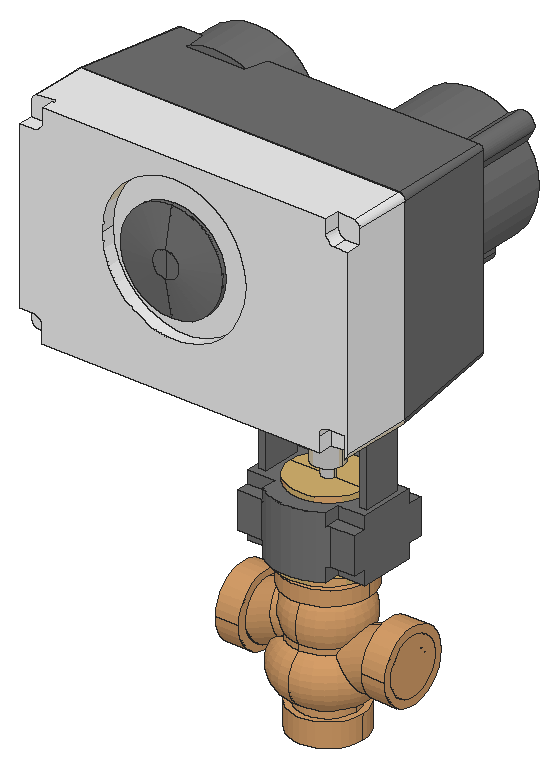
Revit family "VRB3_DN15-DN50_External_AMV(E) 25 SD(SU)_RFA_1", category Pipe Accessories, Revit 2019
Family settings
  Round Connector Dimension = Use Diameter
  Part Type = Valve - Breaks Into
  OmniClass Number = 23.65.55.14.17
  OmniClass Title = Adjusting/Controlling Valves for Liquid Services
  Work Plane-Based = No
  Always vertical = Yes
  Cut with Voids When Loaded = No
  Shared = No
Parameters (values of type "VRB3_DN15_External_Kvs0.63_065Z0151")
  ang2D [instance] = 0.00°
  ZT = 1 mm
  Z1_ve = -13 mm
  W2C = 23.5 mm
  W = 128.5 mm
  Voltage = if(or(Actuator Type = [082H3037], Actuator Type = [082H3040]), 230 V, 24 V)  # 24 V
  TL2 = 0 mm
  R2_Flange = 7.5 mm
  R1_Flange = 16.6 mm
  Power = if(or(Actuator Type = [082H3038], Actuator Type = [082H3041]), 14 VA, 12 VA)  # 12 VA
  Min Medium Temperature = "-10°C"  # constant formula
  Max Medium Temperature = "130°C"  # constant formula
  L = LL * 2  # 80 mm
  Ha = 215.5 mm
  H_T2 = 5.3 mm
  H_T1 = 7 mm
  ZC = 5 mm
  Z2 = 6.314 mm
  Z1_1 = 19 mm
  Z1 = 16 mm
  Z05 = 5 mm
  Z02 = 4 mm
  Z01 = 2 mm
  Z0 = 1 mm
  Y5 = 3 mm
  Y4 = 1 mm
  Y3 = 1 mm
  Y2 = 15.244 mm
  Y1 = 6.314 mm
  Y01 = 1 mm
  Y0 = 1 mm
  X12__ve = -X12  # -11.6 mm
  X12 = 11.6 mm
  X1 = 5.8 mm
  Weight = 0.70 kg
  W2T1 = 7 mm
  W2T = 5 mm
  W2B = 10.5 mm
  W2A = 6 mm
  W2 = 13 mm
  W1 = 17 mm
  Valve Body Material = Danfoss Bronze (Rg5)
  V1 = no
  Use Minimum Symbol Size [instance] = no
  URL = "https://store.danfoss.com/en/Climate-Solutions-for-heating/Motorised-Control-Valves-/Globe-Valves/Valves-for-Heating-and-Cooling/c/4105?q=%3Arelevance%3Adanfoss_producttypehierarchydesc%3A7cb85f57ec0c5908aa7533d09adc2ed0bf3179c1%3Adanfoss_a50461501115_fts%3ATA6_1501121&text="
  TT = 5 mm
  TL__ve = -TL  # -11 mm
  TL1__ve = -9 mm
  TL1 = 9 mm
  TL = 11 mm
  T_HH = HH - H1  # 84.8 mm
  HH = 124.3 mm
  H0 = 84.8 mm
  TD = R1_Flange * 2  # 33.2 mm
  Stroke = "10 mm"
  SW = 1
  R_Vertical Body = 13.5 mm
  RT30 = 2.1 mm
  RT3 = 3 mm
  RT22 = 10.5 mm
  RT11 = 12.5 mm
  RT1 = 18.5 mm
  RT0 = 16.5 mm
  R_Flow Pipe = 13 mm
  R = 13.5 mm
  Pressure Drop [instance] = 0.0 bar
  Nominal Pressure = "PN 16"  # constant formula
  NT = 11.25 mm
  Model Type = "VRB3_DN15_External_Kvs0.63"
  Model = "065Z0151"
  Manufacturer = "Danfoss"
  LOD 350 = not(LOD 200)  # yes
  LOD 200 = no
  LM = 58 mm
  LL = 40 mm
  L0 = 80 mm
  Kvs = 0.63 m³/h
  IfcExportType = "VRB3"  # constant formula
  IfcExportAs = "IfcValveType"  # constant formula
  H_Body Bottom = 25 mm
  HT_Flow pipe = 5 mm
  HH__ve = -H_2  # -23.5 mm
  HH0__ve = -HH0  # -30.5 mm
  HH0 = 30.5 mm
  H_2 = 23.5 mm
  H_Body Top = 23 mm
  HB_Flow Pipe = 6.314 mm
  H_3 = 25.5 mm
  H_5 = 11 mm
  H1 = 39.5 mm
  H_4 = 25 mm
  H_1 = 31 mm
  H = Ha + H1  # 255 mm
  Flow [instance] = 0.0 m³/h
  Description = "Motorized Control Valve"  # constant formula
  D2 = 33.2 mm
  D1 = 33 mm
  D01 = 25.1 mm
  D = 15 mm
  Connection = "External Thread"  # constant formula
  CenSd_R14_6 = 14.3 mm
  CenSd_NT_6 = NT * cos(30.00°)  # 9.743 mm
  BY = 10 mm
  Adapter Type = Adapter_AMV(E) 15(25)(35)_RFA : Adapter_AMV(E) 15(25)(35)_DN15-50_065Z0311
  Actuator Type = AMV(E) 25 SD(SU)_RFA : AMV 25 SD_24V_082H3036
  AT = 45.00°
  A2_Flow Pipe = 158.00°
  A1_Flow pipe = 158.00°
  082H3041 = AMV(E) 25 SD(SU)_RFA : AME 25 SU_082H3041
  082H3040 = AMV(E) 25 SD(SU)_RFA : AMV 25 SU_230V_082H3040
  082H3038 = AMV(E) 25 SD(SU)_RFA : AME 25 SD_082H3038
  082H3037 = AMV(E) 25 SD(SU)_RFA : AMV 25 SD_230V_082H3037
Reference planes
  plane 1 "Center (Front/Back)": y = 0
  plane 2 "XYPLANE": z = 0
  plane 3 "Center (Left/Right)": x = 0
  plane 4 "478": z = 5
  plane 5 "462": z = -24.9
  plane 6 "439": z = 2
  plane 7 "437": y = -10
  plane 8 "436": y = 10
  plane 9 "429": x = 27
  plane 10 "428": x = 29
  plane 11 "398": y = -9
  plane 12 "397": y = 9
  plane 13 "396": y = -6
  plane 14 "395": y = 6
  plane 15 "392": y = -11
  plane 16 "391": y = 11
  plane 17 "390": y = -12
  plane 18 "389": y = 12
  plane 19 "383": z = 25
  plane 20 "382": z = 23
  plane 21 "376": z = -10
  plane 22 "375": z = -9
  plane 23 "374": z = -5
  plane 24 "373": z = 0
  plane 25 "372": z = 1
  plane 26 "371": z = 24
  plane 27 "351": y = 7.5
  plane 28 "350": y = -7.5
  plane 29 "349": z = 7
  plane 30 "348": z = -23
  plane 31 "346": y = 1.5
  plane 32 "345": y = 4.5
  plane 33 "344": y = 10.5
  plane 34 "343": y = 12
  plane 35 "342": y = -1.5
  plane 36 "341": y = -4.5
  plane 37 "340": y = -10.5
  plane 38 "339": y = -12
  plane 39 "334": z = 11
  plane 40 "333": z = 9
  plane 41 "332": z = 4
  plane 42 "316": y = 23
  plane 43 "315": y = -23
  plane 44 "311": z = 81.8
  plane 45 "308": z = 79.8
  plane 46 "305": z = 54.3
  plane 47 "301": z = 49
  plane 48 "299": z = 47
  plane 49 "296": z = 44
  plane 50 "293": z = 41
  plane 51 "290": z = 38
  plane 52 "285": z = 15
  plane 53 "283": z = 84.8
  plane 54 "280": z = 54.5
  plane 55 "277": z = 19
  plane 56 "270": z = 29
  plane 57 "268": x = -18.5
  plane 58 "261": z = 1
  plane 59 "233": z = 26.5
  plane 60 "232": z = 22
  plane 61 "183": y = -0.2
  plane 62 "88": y = -13
  plane 63 "77": y = 13
  plane 64 "73": x = -29
  plane 65 "59": z = 31
  plane 66 "45": z = -25
  plane 67 "24": y = -15.244
  plane 68 "23": y = -6.314
  plane 69 "22": y = 15.244
  plane 70 "21": y = 6.314
  plane 71 "20": z = -6.314
  plane 72 "19": z = 6.314
  plane 73 "18": z = -16
  plane 74 "17": z = 16
  plane 75 "14": x = 40
  plane 76 "13": x = -40
  plane 77 "4": x = 0
  plane 78 "3": y = 0
  plane 79 "1": z = 0
  plane 80 "46": z = -39.5
  plane 81 "47": z = -28.5
  plane 82: y = -19.5
  plane 83: y = 19.5
  plane 84: x = -27
  plane 85: y = 23.5
  plane 86: y = -23.5
  plane 87: y = -57
  plane 88: y = 71.5
  plane 89: z = 215.5
Forms (mm)
  Extrusion 1, solid, material "Danfoss Bronze (Rg5)" <- "Valve Body Material", visible <- "V1", detail levels fine
    sketch origin (-750, 0, 31) x (1, 0, 0) y (0, 1, 0)
      loop
        line (766.512, 0) -> (758.256, 14.3) -> (741.744, 14.3) -> (733.488, 0) -> (741.744, -14.3) -> (758.256, -14.3) -> (766.512, 0)
      loop
        circle (750, 0) r 12.5
    from 0 to 5
  Blend 2, solid, material "Danfoss Stainless Steel AISI 304 / AISI 316L", detail levels fine
    base sketch origin (-750, 0, 81.8) x (1, 0, 0) y (0, 1, 0)
      loop
        circle (750, 0) r 3
    top sketch origin (-750, 0, 81.8) x (1, 0, 0) y (0, 1, 0)
      loop
        circle (750, 0) r 2.1
    from 0 to 3
  Extrusion 3, solid, material "Danfoss Stainless Steel AISI 304 / AISI 316L", detail levels fine
    sketch origin (-750, 0, 79.8) x (1, 0, 0) y (0, 1, 0)
      loop
        circle (750, 0) r 2.1
    from 0 to 2
  Extrusion 4, solid, material "Danfoss Stainless Steel AISI 304 / AISI 316L", detail levels fine
    sketch origin (-750, 0, 54.3) x (1, 0, 0) y (0, 1, 0)
      loop
        circle (750, 0) r 3
    from 0 to 25.5 <- "H_3"
  Extrusion 5, solid, material "Danfoss Bronze (Rg5)" <- "Valve Body Material", visible <- "LOD 350", detail levels fine
    sketch origin (-750, 0, 49) x (1, 0, 0) y (0, 1, 0)
      loop
        line (761.25, 0) -> (755.625, 9.743) -> (744.375, 9.743) -> (738.75, 0) -> (744.375, -9.743) -> (755.625, -9.743) -> (761.25, 0)
    from 0 to 5.3 <- "H_T2"
  Extrusion 6, solid, material "Danfoss Bronze (Rg5)" <- "Valve Body Material", visible <- "LOD 350", detail levels fine
    sketch origin (-750, 0, 47) x (1, 0, 0) y (0, 1, 0)
      loop
        circle (750, 0) r 12.5
    from 0 to 2
  Extrusion 7, solid, material "Danfoss Bronze (Rg5)" <- "Valve Body Material", visible <- "LOD 350", detail levels fine
    sketch origin (-750, 0, 44) x (1, 0, 0) y (0, 1, 0)
      loop
        circle (750, 0) r 10.5
    from 0 to 3
  Extrusion 8, solid, material "Danfoss Bronze (Rg5)" <- "Valve Body Material", visible <- "LOD 350", detail levels fine
    sketch origin (-750, 0, 41) x (1, 0, 0) y (0, 1, 0)
      loop
        circle (750, 0) r 12.5
    from 0 to 3
  Extrusion 9, solid, material "Danfoss Bronze (Rg5)" <- "Valve Body Material", visible <- "LOD 350", detail levels fine
    sketch origin (-750, 0, 38) x (1, 0, 0) y (0, 1, 0)
      loop
        circle (750, 0) r 10.5
    from 0 to 3
  Extrusion 10, solid, material "Danfoss Bronze (Rg5)" <- "Valve Body Material", visible <- "LOD 350", detail levels fine
    sketch origin (-750, 0, 31) x (1, 0, 0) y (0, 1, 0)
      loop
        circle (750, 0) r 12.5
    from 0 to 7 <- "H_T1"
  Extrusion 11, solid, material "Danfoss Bronze (Rg5)" <- "Valve Body Material", visible <- "LOD 200", detail levels fine
    sketch origin (-750, 0, 54.5) x (1, 0, 0) y (0, 1, 0)
      loop
        circle (750, 0) r 12.5
    from -0.2 to -23.5 <- "HH__ve"
  Extrusion 12, solid, material "Danfoss Bronze (Rg5)" <- "Valve Body Material", visible <- "LOD 350", detail levels fine
    sketch origin (-750, 0, 31) x (1, 0, 0) y (0, 1, 0)
      loop
        circle (750, 0) r 16.5
    from 0 to -10
  Revolve 13, solid, material "Danfoss Bronze (Rg5)" <- "Valve Body Material", visible <- "LOD 350", detail levels fine
    sketch origin (-16.5, 0, 31) x (0, 0, 1) y (1, 0, 0)
      loop
        line (0, 0) -> (-12, 3) -> (-9, -3) -> (-2, -3) -> (0, -2) -> (0, 0)
      axis (-12, 16.5) -> (0, 16.5)
    angle from 0 to -360
  Extrusion 14, solid, material "Danfoss Bronze (Rg5)" <- "Valve Body Material", visible <- "LOD 350", detail levels fine
    sketch origin (0, 0, 19) x (1, 0, 0) y (0, 1, 0)
      loop
        circle (0, 0) r 13.5
    from 0 <- "TL2" to -9 <- "TL1__ve"
  Extrusion 15, solid, material "Danfoss Bronze (Rg5)" <- "Valve Body Material", visible <- "LOD 200", detail levels fine
    sketch origin (-750, 0, 31) x (1, 0, 0) y (0, 1, 0)
      loop
        circle (750, 0) r 16.5
    from 0 to -13 <- "Z1_ve"
  Extrusion 16, solid, material "Danfoss Bronze (Rg5)" <- "Valve Body Material", visible <- "LOD 200", detail levels fine
    sketch origin (-29, -750, 0) x (0, 1, 0) y (0, 0, 1)
      loop
        circle (750, 0) r 12.55
    from 0 to 58 <- "LM"
  Revolve 17, solid, material "Danfoss Bronze (Rg5)" <- "Valve Body Material", detail levels fine
    sketch origin (0, -0.2, 18.55) x (0, -1, 0) y (0, 0, 1)
      loop
        line (0, 4.45) -> (0, -43.55) -> (12.8, -43.55)
        arc (12.8, -43.55) -> (23.128, -32.382) -> (16.8, -18.55) r 13.717
        line (16.8, -18.55) -> (16.8, -15.817)
        arc (16.8, -15.817) -> (18.496, -4.954) -> (12.8, 4.45) r 16.042
        line (12.8, 4.45) -> (0, 4.45)
      axis (-0.2, -43.55) -> (-0.2, 4.45)
    angle from 0 to -360
  Extrusion 18, solid, material "Danfoss Bronze (Rg5)" <- "Valve Body Material", visible <- "LOD 200", detail levels fine
    sketch origin (40, -750, 0) x (0, 1, 0) y (0, 0, 1)
      loop
        circle (750, 0) r 16.5
    from 0 to -11 <- "TL__ve"
  Extrusion 19, solid, material "Danfoss Bronze (Rg5)" <- "Valve Body Material", visible <- "LOD 200", detail levels fine
    sketch origin (-40, -750, 0) x (0, 1, 0) y (0, 0, 1)
      loop
        circle (750, 0) r 16.5
    from 0 to 11 <- "TL"
  Extrusion 20, solid, material "Danfoss Bronze (Rg5)" <- "Valve Body Material", detail levels fine
    sketch origin (0, 0, -28.5) x (-1, 0, 0) y (0, -1, 0)
      loop
        circle (0, 0.2) r 13.5
    from 0 to 5.5
  Sweep 21, solid, material "Danfoss Bronze (Rg5)" <- "Valve Body Material", visible <- "LOD 350", detail levels fine
    path origin (-16.5, 0, 31) x (0, 0, 1) y (1, 0, 0)
      loop
        line (-31, -23.5) -> (-31, -12.5) -> (-26, -0.125) -> (-26, 16.5)
    profile origin (-34.5, 0, 0) x (0, 0, -1) y (0, 1, 0)
      loop
        circle (0, 0) r 13
  Sweep 22, solid, material "Danfoss Bronze (Rg5)" <- "Valve Body Material", visible <- "LOD 350", detail levels fine
    path origin (-16.5, 0, 31) x (0, 0, 1) y (1, 0, 0)
      loop
        line (-31, 56.5) -> (-31, 45.5) -> (-37.314, 29.872) -> (-37.314, 16.5)
    profile origin (34.5, 0, 0) x (0, 0, 1) y (0, 1, 0)
      loop
        circle (0, 0) r 13
  Extrusion 23, solid, material "Danfoss Bronze (Rg5)" <- "Valve Body Material", visible <- "LOD 200", detail levels fine
    sketch origin (0, 0, -39.5) x (-1, 0, 0) y (0, -1, 0)
      loop
        circle (0, 0) r 16.5
    from 0 to 11
  Extrusion 24, solid, material "Danfoss Bronze (Rg5)" <- "Valve Body Material", detail levels fine
    sketch origin (40, -750, 0) x (0, 1, 0) y (0, 0, 1)
      loop
        circle (750, 0) r 16.6
      loop
        circle (750, 0) r 7.5
    from 0 to -11 <- "TL__ve"
  Extrusion 25, solid, material "Danfoss Bronze (Rg5)" <- "Valve Body Material", detail levels fine
    sketch origin (-40, -750, 0) x (0, 1, 0) y (0, 0, 1)
      loop
        circle (750, 0) r 16.6
      loop
        circle (750, 0) r 7.5
    from 0 to 11 <- "TL"
  Extrusion 26, solid, material "Danfoss Bronze (Rg5)" <- "Valve Body Material", detail levels fine
    sketch origin (0, 0, -39.5) x (-1, 0, 0) y (0, -1, 0)
      loop
        circle (0, 0) r 16.6
      loop
        circle (0, 0) r 7.5
    from 0 to 11 <- "H_5"
Lines and regions (mm)
  reference lines, not visible
    curve 1: circle (2, 2, 0) r 1 normal (0, 0, 1)
  reference lines, visible <- "LOD 350"
    curve 2: line (0, 0, 31) -> (-4.125, 7.145, 31)
    curve 3: line (0, 0, 31) -> (-8.25, 0, 31)
    curve 4: line (0, 0, 31) -> (-4.125, -7.145, 31)
    curve 5: line (0, 0, 49) -> (-2.813, 4.871, 49)
    curve 6: line (0, 0, 49) -> (-5.625, 0, 49)
    curve 7: line (0, 0, 49) -> (-2.812, -4.871, 49)
Dimensions and locks
  plane 1 "Center (Front/Back)" to curve 1 = 2 mm
  "ZC": plane 79 "1" to plane 4 "478"
  locked: plane 66 "45" to plane 5 "462" at 0.1
  locked: plane 79 "1" to plane 6 "439" at 2
  "Y0": plane 15 "392" to plane 7 "437"
  "Y0": plane 16 "391" to plane 8 "436"
  locked: plane 10 "428" to plane 9 "429" at 2
  "TL": plane 75 "14" to plane 10 "428"
  "Y4": plane 7 "437" to plane 11 "398"
  "Y4": plane 8 "436" to plane 12 "397"
  "Y5": plane 11 "398" to plane 13 "396"
  "Y5": plane 12 "397" to plane 14 "395"
  "Y01": plane 17 "390" to plane 15 "392"
  "Y01": plane 18 "389" to plane 16 "391"
  "Y3": plane 62 "88" to plane 17 "390"
  "Y3": plane 63 "77" to plane 18 "389"
  locked: plane 59 "233" to plane 19 "383" at 1.5
  "ZT": plane 26 "371" to plane 20 "382"
  "Z0": plane 22 "375" to plane 21 "376"
  "Z02": plane 23 "374" to plane 22 "375"
  "Z05": plane 24 "373" to plane 23 "374"
  locked: plane 25 "372" to plane 24 "373" at 1
  locked: plane 6 "439" to plane 25 "372" at 1
  locked: plane 19 "383" to plane 26 "371" at 1
  locked: plane 33 "344" to plane 27 "351" at 3
  locked: plane 37 "340" to plane 28 "350" at 3
  locked: plane 41 "332" to plane 29 "349" at 3
  locked: plane 66 "45" to plane 30 "348" at 2
  locked: plane 32 "345" to plane 31 "346" at 3
  locked: plane 27 "351" to plane 32 "345" at 3
  locked: plane 34 "343" to plane 33 "344" at 1.5
  locked: plane 63 "77" to plane 34 "343" at 1
  locked: plane 36 "341" to plane 35 "342" at 3
  locked: plane 28 "350" to plane 36 "341" at 3
  locked: plane 38 "339" to plane 37 "340" at 1.5
  locked: plane 62 "88" to plane 38 "339" at 1
  locked: plane 40 "333" to plane 39 "334" at 2
  locked: plane 29 "349" to plane 40 "333" at 2
  locked: plane 58 "261" to plane 41 "332" at 3
  "BY": plane 63 "77" to plane 42 "316"
  "BY": plane 62 "88" to plane 43 "315"
  locked: plane 45 "308" to plane 44 "311" at 2
  "H_3": plane 46 "305" to plane 45 "308"
  "H_T2": plane 47 "301" to plane 46 "305"
  locked: plane 48 "299" to plane 47 "301" at 2
  locked: plane 49 "296" to plane 48 "299" at 3
  locked: plane 50 "293" to plane 49 "296" at 3
  locked: plane 51 "290" to plane 50 "293" at 3
  "H_T1": plane 65 "59" to plane 51 "290"
  locked: plane 55 "277" to plane 52 "285" at 4
  "H_2": plane 65 "59" to plane 54 "280"
  locked: plane 65 "59" to plane 56 "270" at 2
  "RT1": plane 77 "4" to plane 57 "268"
  locked: plane 79 "1" to plane 58 "261" at 1
  "TL1": plane 65 "59" to plane 60 "232"
  locked: plane 78 "3" to plane 61 "183" at 0.2
  "W2": plane 78 "3" to plane 62 "88"
  "W2": plane 78 "3" to plane 63 "77"
  "TL": plane 76 "13" to plane 64 "73"
  "H_1": plane 79 "1" to plane 65 "59"
  "H_4": plane 79 "1" to plane 66 "45"
  "Y2": plane 78 "3" to plane 67 "24"
  "Y1": plane 78 "3" to plane 68 "23"
  "Y2": plane 78 "3" to plane 69 "22"
  "Y1": plane 78 "3" to plane 70 "21"
  "Z2": plane 79 "1" to plane 71 "20"
  "Z2": plane 79 "1" to plane 72 "19"
  "Z1": plane 79 "1" to plane 73 "18"
  "Z1": plane 79 "1" to plane 74 "17"
  "LL": plane 77 "4" to plane 75 "14"
  "LL": plane 77 "4" to plane 76 "13"
  locked: plane 3 "Center (Left/Right)" to plane 77 "4"
  locked: plane 1 "Center (Front/Back)" to plane 78 "3"
  locked: plane 2 "XYPLANE" to plane 79 "1"
  "CenSd_R14_6": curve 2 to Extrusion 1 sketch curve  (x2)
  "CenSd_R14_6": curve 3 to Extrusion 1 sketch curve  (x2)
  "CenSd_R14_6": curve 4 to Extrusion 1 sketch curve  (x2)
  Extrusion 1 sketch curve to Extrusion 1 sketch curve = 0 mm  (x12)
  "CenSd_NT_6": curve 5 to Extrusion 5 sketch curve  (x2)
  "CenSd_NT_6": curve 6 to Extrusion 5 sketch curve  (x2)
  "CenSd_NT_6": curve 7 to Extrusion 5 sketch curve  (x2)
  Extrusion 5 sketch curve to Extrusion 5 sketch curve = 0 mm  (x12)
  Revolve 13 sketch curve to Revolve 13 sketch curve = 0 mm  (x10)
  Revolve 17 sketch curve to Revolve 17 sketch curve = 0 mm  (x2)
  "H1": level to plane 80 "46"
  plane 66 "45" to plane 81 "47" = 3.5 mm
  "H_5": plane 81 "47" to plane 80 "46"
  "Z1_1": plane 55 "277" to level
  Revolve 17 sketch curve to Revolve 17 sketch curve = 2.733 mm
  Revolve 17 sketch curve to plane 61 "183" = 0 mm
  "W2A": plane 62 "88" to Revolve 17 sketch curve
  "H_Body Top": plane 20 "382" to level
  "W1": plane 1 "Center (Front/Back)" to Revolve 17 sketch curve
  "W2B": plane 62 "88" to Revolve 17 sketch curve
  "H_Body Bottom": level to Revolve 17 sketch curve
  equal spacing: plane 83, plane 1 "Center (Front/Back)", plane 82
  plane 83 to plane 82 = 39 mm
  locked: plane 64 "73" to plane 84 at 2
  plane 34 "343" to plane 38 "339" = 24 mm
  plane 69 "22" to plane 67 "24" = 30.488 mm
  "HT_Flow pipe": Sweep 21 sketch curve to Sweep 21 sketch curve
  "HB_Flow Pipe": Sweep 22 sketch curve to Sweep 22 sketch curve
  "H0": plane 53 "283" to level
  plane 75 "14" to plane 76 "13" = 80 mm
  "W2C": plane 1 "Center (Front/Back)" to plane 85
  "W2C": plane 86 to plane 1 "Center (Front/Back)"
  plane 85 to plane 86 = 47 mm
  locked: nested 2 to plane 65 "59" at 1.3
  locked: nested 3 to plane 65 "59" at 4.5
  locked: plane 87 to plane 1 "Center (Front/Back)" at 57
  "W": plane 87 to plane 88
  "H": plane 89 to plane 80 "46"
  "Ha": plane 89 to plane 79 "1"
  "RT11": radius of Extrusion 1 sketch curve
  "RT30": radius of Blend 2 sketch curve
  "RT3": radius of Blend 2 sketch curve
  "RT30": radius of Extrusion 3 sketch curve
  "RT3": radius of Extrusion 4 sketch curve
  "RT11": radius of Extrusion 6 sketch curve
  "RT22": radius of Extrusion 7 sketch curve
  "RT11": radius of Extrusion 8 sketch curve
  "RT22": radius of Extrusion 9 sketch curve
  "RT11": radius of Extrusion 10 sketch curve
  "RT11": radius of Extrusion 11 sketch curve
  "RT0": radius of Extrusion 12 sketch curve
  "R_Vertical Body": radius of Extrusion 14 sketch curve
  "D01": diameter of Extrusion 16 sketch curve
  "D1": diameter of Extrusion 18 sketch curve
  "D1": diameter of Extrusion 19 sketch curve
  "R": radius of Extrusion 20 sketch curve
  "R_Flow Pipe": radius of Sweep 21 sketch curve
  "R_Flow Pipe": radius of Sweep 22 sketch curve
  "RT0": radius of Extrusion 15 sketch curve
  "D1": diameter of Extrusion 23 sketch curve
  "R1_Flange": radius of Extrusion 24 sketch curve
  "R1_Flange": radius of Extrusion 25 sketch curve
  "R2_Flange": radius of Extrusion 24 sketch curve
  "R2_Flange": radius of Extrusion 25 sketch curve
  "R1_Flange": radius of Extrusion 26 sketch curve
  "R2_Flange": radius of Extrusion 26 sketch curve
  locked: curve 3 to curve 2 (angle 60.00°)
  locked: curve 4 to curve 3 (angle 60.00°)
  locked: curve 4 to curve 2 (angle 120.00°)
  locked: curve 6 to curve 5 (angle 60.00°)
  locked: curve 7 to curve 6 (angle 60.00°)
  locked: curve 7 to curve 5 (angle 120.00°)
  "A1_Flow pipe": angle Sweep 21 sketch curve to level
  "A2_Flow Pipe": angle Sweep 22 sketch curve to level
  aligned and locked: level to plane 2 "XYPLANE"
  aligned and locked: plane 77 "4" to curve 4
  aligned and locked: plane 78 "3" to curve 4
  aligned and locked: plane 77 "4" to Extrusion 1 sketch curve
  aligned and locked: plane 78 "3" to Extrusion 1 sketch curve
  aligned and locked: plane 77 "4" to Blend 2 sketch curve  (x2)
  aligned and locked: plane 78 "3" to Blend 2 sketch curve  (x2)
  aligned and locked: plane 53 "283" to Blend 2
  aligned and locked: plane 77 "4" to Extrusion 3 sketch curve
  aligned and locked: plane 78 "3" to Extrusion 3 sketch curve
  aligned and locked: plane 77 "4" to Extrusion 4 sketch curve
  aligned and locked: plane 78 "3" to Extrusion 4 sketch curve
  aligned and locked: plane 77 "4" to curve 7
  aligned and locked: plane 78 "3" to curve 7
  aligned and locked: plane 77 "4" to Extrusion 6 sketch curve
  aligned and locked: plane 78 "3" to Extrusion 6 sketch curve
  aligned and locked: plane 77 "4" to Extrusion 7 sketch curve
  aligned and locked: plane 78 "3" to Extrusion 7 sketch curve
  aligned and locked: plane 77 "4" to Extrusion 8 sketch curve
  aligned and locked: plane 78 "3" to Extrusion 8 sketch curve
  aligned and locked: plane 77 "4" to Extrusion 9 sketch curve
  aligned and locked: plane 78 "3" to Extrusion 9 sketch curve
  aligned and locked: plane 77 "4" to Extrusion 10 sketch curve
  aligned and locked: plane 78 "3" to Extrusion 10 sketch curve
  aligned and locked: plane 77 "4" to Extrusion 11 sketch curve
  aligned and locked: plane 78 "3" to Extrusion 11 sketch curve
  aligned and locked: plane 77 "4" to Extrusion 12 sketch curve
  aligned and locked: plane 78 "3" to Extrusion 12 sketch curve
  aligned and locked: plane 65 "59" to Revolve 13 sketch curve  (x3)
  aligned and locked: plane 57 "268" to Revolve 13 sketch curve
  aligned and locked: plane 56 "270" to Revolve 13 sketch curve
  aligned and locked: plane 60 "232" to Revolve 13 sketch curve
  aligned and locked: plane 55 "277" to Revolve 13 sketch curve
  aligned and locked: plane 52 "285" to Revolve 13 sketch curve
  aligned and locked: plane 77 "4" to Extrusion 14 sketch curve
  aligned and locked: plane 78 "3" to Extrusion 14 sketch curve
  aligned and locked: plane 77 "4" to Extrusion 15 sketch curve
  aligned and locked: plane 78 "3" to Extrusion 15 sketch curve
  aligned and locked: Extrusion 16 sketch curve to plane 78 "3"
  aligned and locked: plane 79 "1" to Extrusion 16 sketch curve
  aligned and locked: Revolve 17 sketch curve to plane 61 "183"
  aligned and locked: Revolve 17 sketch curve to plane 62 "88"
  aligned and locked: plane 79 "1" to Revolve 17 sketch curve
  aligned and locked: Revolve 17 sketch curve to plane 78 "3"
  aligned and locked: plane 66 "45" to Revolve 17 sketch curve
  aligned and locked: plane 59 "233" to Revolve 17 sketch curve
  aligned and locked: Extrusion 18 sketch curve to plane 78 "3"
  aligned and locked: plane 79 "1" to Extrusion 18 sketch curve
  aligned and locked: Extrusion 19 sketch curve to plane 78 "3"
  aligned and locked: plane 79 "1" to Extrusion 19 sketch curve
  aligned and locked: plane 30 "348" to Extrusion 20
  aligned and locked: plane 20 "382" to Revolve 17 sketch curve
  aligned and locked: plane 62 "88" to Revolve 17 sketch curve
  aligned and locked: Revolve 17 sketch curve to plane 20 "382"
  aligned and locked: Sweep 21 sketch curve to level
  aligned and locked: level to Sweep 21 sketch curve
  aligned and locked: plane 1 "Center (Front/Back)" to Sweep 21 sketch curve
  aligned and locked: level to Sweep 22 sketch curve  (x2)
  aligned and locked: plane 1 "Center (Front/Back)" to Sweep 22 sketch curve
  aligned and locked: plane 46 "305" to Extrusion 11
  aligned and locked: plane 1 "Center (Front/Back)" to Extrusion 23 sketch curve
  aligned and locked: plane 3 "Center (Left/Right)" to Extrusion 23 sketch curve
  aligned and locked: plane 81 "47" to Extrusion 23
  aligned and locked: plane 1 "Center (Front/Back)" to nested 1
  aligned and locked: plane 77 "4" to nested 1
  aligned and locked: plane 3 "Center (Left/Right)" to nested 1
  aligned and locked: level to Extrusion 24 sketch curve
  aligned and locked: plane 1 "Center (Front/Back)" to Extrusion 24 sketch curve
  aligned and locked: level to Extrusion 25 sketch curve
  aligned and locked: plane 1 "Center (Front/Back)" to Extrusion 25 sketch curve
  aligned and locked: plane 1 "Center (Front/Back)" to Extrusion 26 sketch curve
  aligned and locked: plane 3 "Center (Left/Right)" to Extrusion 26 sketch curve
  aligned and locked: plane 77 "4" to nested 2
  aligned and locked: plane 1 "Center (Front/Back)" to nested 2
  aligned and locked: plane 77 "4" to nested 3
  aligned and locked: plane 1 "Center (Front/Back)" to nested 3
Automatic sketch dimensions
  Revolve 13 sketch curve to plane 3 "Center (Left/Right)" = 0 mm
  plane 3 "Center (Left/Right)" to curve 1 = 2 mm
  Revolve 13 sketch curve to plane 65 "59" = 0 mm
  Revolve 13 sketch curve to plane 57 "268" = 1 mm
  plane 57 "268" to Revolve 13 sketch curve = 2 mm
  plane 57 "268" to Revolve 13 sketch curve = 5 mm
  Extrusion 15 sketch curve to plane 3 "Center (Left/Right)" = 0 mm
  Extrusion 20 sketch curve to plane 3 "Center (Left/Right)" = 0 mm
  Extrusion 20 sketch curve to plane 61 "183" = 0 mm
  Sweep 21 sketch curve to plane 76 "13" = 0 mm
  Sweep 21 sketch curve to plane 64 "73" = 0 mm
  Sweep 21 sketch curve to plane 3 "Center (Left/Right)" = 0 mm
  Sweep 22 sketch curve to plane 3 "Center (Left/Right)" = 0 mm
  Sweep 22 sketch curve to plane 10 "428" = 0 mm
  Sweep 22 sketch curve to plane 75 "14" = 0 mm
  Extrusion 24 sketch curve to Extrusion 24 sketch curve = 0 mm  (x2)
  Extrusion 25 sketch curve to Extrusion 25 sketch curve = 0 mm  (x2)
  Extrusion 26 sketch curve to Extrusion 26 sketch curve = 0 mm  (x2)
  radius of curve 1 = 1 mm
Nested families
  nested 1: "Schematic_3-Way Valve" at (0, 0, 0), type "Schematic_3-Way Valve", detail levels coarse+medium
    with L_1 26.667 mm, L 80 mm, H1 39.5 mm, H 80 mm, D1 33.2 mm
  nested 2: "Adapter_AMV(E) 15(25)(35)_RFA" at (0, 0, 32.3), type <- "Adapter Type", type "Adapter_AMV(E) 15(25)(35)_DN15-50_065Z0311", detail levels fine
  nested 3: "AMV(E) 25 SD(SU)_RFA" at (0, 0, 35.5), LOD 200 <- "LOD 200", type <- "Actuator Type", Voltage <- "Voltage", Power <- "Power", type "AMV 25 SD_24V_082H3036", detail levels fine
    with Voltage 24 V, Power 12 VA, LOD 350 yes, LOD 200 no
Connectors
  piping at (0, -0.2, -28.5), diameter 15, driven by "D", driven by "Flow"
    settings: on Extrusion 20, index 3, connector inside diameter 609.6 mm, connector length 0 mm, flow factor 0, pipe flow 0.0 m³/h, pressure drop 0.0 bar, fitting loss kfactor 0, connector angle 0.00°, fixture units 0, engagement length 0 mm, angle of deflection 0.00°, flow configuration 0, flow direction 0, fitting loss method 0, system type 29, joint type 0, gender type 0, connector reference index -1, connector utility 0, adjustable connector no, is connector primary no, connector description ""
  piping at (-40, 0, 0), diameter 15, driven by "D", driven by "Flow"
    settings: on Sweep 21, index 5, connector inside diameter 609.6 mm, connector length 0 mm, flow factor 0, pipe flow 0.0 m³/h, pressure drop 0.0 bar, fitting loss kfactor 0, connector angle 0.00°, fixture units 0, engagement length 0 mm, angle of deflection 0.00°, flow configuration 0, flow direction 0, fitting loss method 0, system type 29, joint type 0, gender type 0, connector reference index 6, connector utility 0, adjustable connector no, is connector primary yes, connector description ""
  piping at (40, 0, 0), diameter 15, driven by "D", driven by "Flow"
    settings: on Extrusion 24, index 6, connector inside diameter 609.6 mm, connector length 0 mm, flow factor 0, pipe flow 0.0 m³/h, pressure drop 0.0 bar, fitting loss kfactor 0, connector angle 0.00°, fixture units 0, engagement length 0 mm, angle of deflection 0.00°, flow configuration 0, flow direction 0, fitting loss method 0, system type 29, joint type 0, gender type 0, connector reference index 5, connector utility 0, adjustable connector no, is connector primary no, connector description ""
  electrical at (0, 0, 0), driven by "Voltage", driven by "Power"
    settings: index 13, voltage 24 V, apparent load 0 VA, apparent load phase1 12 VA, apparent load phase2 0 VA, apparent load phase3 0 VA, power factor 0.95, load classification "HVAC", number of poles 1, system type 31, power factor state 1, is connector primary yes, connector utility no, sub classification motor no, connector description ""
Definition of nested family "Adapter_AMV(E) 15(25)(35)_RFA"
  Parameters (values of type "Adapter_AMV(E) 25_DN40-100_003Z0694")
    W = 45 mm
    URL = "https://store.danfoss.com/en/Climate-Solutions-for-heating/Hydronic-Balancing-and-Control/Pressure-independent-balancing-and-control/Pressure-Independent-Control-Valves-%28PICV%29/AB-QM-Accessories/Adapter-AMV-E-25-DN-40---100/p/003Z0694"
    Model Type = "Adapter_AMV(E) 25_DN40-100"
    Model = "003Z0694"
    Manufacturer = "Danfoss"  # constant formula
    L = 45 mm
    IfcExportType = "Adapter"  # constant formula
    IfcExportAs = "IfcValveType"  # constant formula
    H2 = 20 mm
    H1 = 20 mm
    H = 54.7 mm
    Description = "Adapter"  # constant formula
  Types (2, lengths in mm): name | URL | Model Type | Model | H2 | H1 | H
    Adapter_AMV(E) 25_DN40-100_003Z0694 | "https://store.danfoss.com/en/Climate-Solutions-for-heating/Hydronic-Balancing-and-Control/Pressure-independent-balancing-and-control/Pressure-Independent-Control-Valves-%28PICV%29/AB-QM-Accessories/Adapter-AMV-E-25-DN-40---100/p/003Z0694" | "Adapter_AMV(E) 25_DN40-100" | "003Z0694" | 20 | 20 | 54.7
    Adapter_AMV(E) 15(25)(35)_DN15-50_065Z0311 | "https://store.danfoss.com/en/Climate-Solutions-for-heating/Motorised-Control-Valves/Actuators-for-Globe-Valves/Accessories-for-actuators/AdapAMx15-16-25-35-VRB-G%2CVF-L2009dn15-50/p/065Z0311" | "Adapter_AMV(E) 15(25)(35)_DN15-50" | "065Z0311" | 28 | 34 | 69
  Reference planes
    plane 1 "Center (Front/Back)": y = 0
    plane 2: z = 0
    plane 3 "Center (Left/Right)": x = 0
    plane 4: z = 54.7
    plane 5: x = -22.5
    plane 6: x = 22.5
    plane 7: z = 34.7
    plane 8: z = 34.7
  Forms (mm)
    Revolve 1, solid
      sketch origin (0, 0, 0) x (1, 0, 0) y (0, 0, 1)
        loop
          line (0, 34.7) -> (-17.5, 34.7) -> (-17.5, 29.396) -> (-14.5, 18.2) -> (-17.5, 18.2) -> (-17.5, 3.2) -> (-22.5, 3.2) -> (-22.5, 0) -> (0, 0) -> (0, 34.7)
        axis (0, 34.7) -> (0, 0)
      angle from 0 to 360
    Revolve 2, solid
      sketch origin (0, 0, 0) x (1, 0, 0) y (0, 0, 1)
        loop
          line (0, 54.7) -> (-3, 54.7) -> (-3, 52.7) -> (-2, 52.7) -> (-2, 48.7) -> (-4, 45.844) -> (-4, 41.2) -> (-7, 41.2) -> (-7, 34.7) -> (0, 34.7) -> (0, 54.7)
        axis (0, 54.7) -> (0, 34.7)
      angle from 0 to 360
  Dimensions and locks
    equal spacing: plane 6, plane 3 "Center (Left/Right)", plane 5
    "L": plane 6 to plane 5
    "H": plane 4 to plane 2
    plane 3 "Center (Left/Right)" to Revolve 1 sketch curve = 17.5 mm
    Revolve 1 sketch curve to Revolve 1 sketch curve = 3.2 mm
    "H1": plane 4 to plane 7
    "H2": plane 4 to plane 8
    aligned and locked: level to plane 2
    aligned and locked: Revolve 1 sketch curve to plane 3 "Center (Left/Right)"
    aligned and locked: Revolve 1 sketch curve to plane 5
    aligned and locked: Revolve 1 sketch curve to plane 2
    aligned and locked: Revolve 1 sketch curve to Revolve 1 sketch curve
    aligned and locked: Revolve 2 sketch curve to plane 3 "Center (Left/Right)"
    aligned and locked: Revolve 2 sketch curve to plane 4
    aligned and locked: Revolve 2 sketch curve to Revolve 2 sketch curve
    aligned and locked: Revolve 1 sketch curve to plane 7
    aligned and locked: Revolve 2 sketch curve to plane 8
  Automatic sketch dimensions
    Revolve 1 sketch curve to level = 0 mm
    plane 5 to Revolve 1 sketch curve = 5 mm
    Revolve 1 sketch curve to Revolve 1 sketch curve = 3 mm
    Revolve 1 sketch curve to Revolve 1 sketch curve = 15 mm
    Revolve 1 sketch curve to Revolve 1 sketch curve = 5.304 mm
    Revolve 2 sketch curve to plane 4 = 0 mm
    Revolve 2 sketch curve to plane 3 "Center (Left/Right)" = 2 mm
    Revolve 2 sketch curve to Revolve 2 sketch curve = 1 mm
    Revolve 2 sketch curve to plane 3 "Center (Left/Right)" = 4 mm
    Revolve 2 sketch curve to Revolve 2 sketch curve = 7 mm
    Revolve 2 sketch curve to Revolve 2 sketch curve = 4.644 mm
    Revolve 2 sketch curve to Revolve 2 sketch curve = 2.856 mm
    Revolve 2 sketch curve to plane 4 = 2 mm
    Revolve 2 sketch curve to Revolve 2 sketch curve = 4 mm
    Revolve 1 sketch curve to plane 7 = 0 mm
    plane 7 to Revolve 2 sketch curve = 2 mm
Definition of nested family "AMV(E) 25 SD(SU)_RFA"
  Parameters (values of type "AME 25 SD_082H3038")
    Weight = 2.30 kg
    W = 128.5 mm  # constant formula
    Voltage [instance] = 24 V
    URL = "https://store.danfoss.com/en/Climate-Solutions-for-heating/Motorised-Control-Valves/Actuators-for-Globe-Valves/Actuators-With-Safety-Function/c/4110?q=%3Arelevance%3Adanfoss_producttypehierarchydesc%3AAMV+25+SU%3Adanfoss_producttypehierarchydesc%3AAMV+25+SD%3Adanfoss_producttypehierarchydesc%3AAME+25+SU%3Adanfoss_producttypehierarchydesc%3AAME+25+SD&text="
    Speed = "15 s/mm"
    Safety Function = "Spring Down"
    Power [instance] = 14 VA
    Output Signal = "0-10 V"
    Model Type = "AME 25 SD"
    Model = "082H3038"
    Min Ambient Temperature = "0 °C"  # constant formula
    Max Stroke = 15 mm  # constant formula
    Max Medium Temperature = "150 °C"  # constant formula
    Max Ambient Temperature = "55 °C"  # constant formula
    Manufacturer = "Danfoss"  # constant formula
    LOD 350 [instance] = not(LOD 200)  # yes
    LOD 200 [instance] = no
    L = 155 mm
    IfcExportType = "AME 25 SD"
    IfcExportAs = "IfcActuatorType"  # constant formula
    H = 180 mm
    Description = "Gear Actuator"  # constant formula
    Control Input Signal = "0-10 V/ 0-20 mA"
    Closing Force = "450 N"
    Body Material = none
  Types (6, lengths in mm): name | Voltage | Safety Function | Power | Output Signal | Model Type | Model | IfcExportType | Control Input Signal
    AME 25 SD_082H3038 | 24 V | "Spring Down" | 14 VA | "0-10 V" | "AME 25 SD" | "082H3038" | "AME 25 SD" | "0-10 V/ 0-20 mA"
    AME 25 SU_082H3041 | 24 V | "Spring Up" | 14 VA | "0-10 V" | "AME 25 SU" | "082H3041" | "AME 25 SU" | "0-10 V/ 0-20 mA"
    AMV 25 SD_24V_082H3036 | 24 V | "Spring Down" | 12 VA | "End travel position feedback" | "AMV 25 SD" | "082H3036" | "AMV 25 SD" | "3-point triac control"
    AMV 25 SU_24V_082H3039 | 24 V | "Spring Up" | 12 VA | "End travel position feedback" | "AMV 25 SU" | "082H3039" | "AMV 25 SU" | "3-point triac control"
    AMV 25 SD_230V_082H3037 | 230 V | "Spring Down" | 12 VA | "End travel position feedback" | "AMV 25 SD" | "082H3037" | "AMV 25 SD" | "3-point triac control"
    AMV 25 SU_230V_082H3040 | 230 V | "Spring Up" | 12 VA | "End travel position feedback" | "AMV 25 SU" | "082H3040" | "AMV 25 SU" | "3-point triac control"
  Reference planes
    plane 1 "Center (Front/Back)": y = 0
    plane 2: z = 0
    plane 3 "Center (Left/Right)": x = 0
    plane 4: z = 180
    plane 5: x = 28
    plane 6 "1": x = -28
    plane 7: x = 51
    plane 8: x = -104
    plane 9: z = 74
    plane 10: z = 29.5
    plane 11: y = 71.5
    plane 12: y = -57
    plane 13: y = 34
    plane 14: y = 23
    plane 15: y = -23
    plane 16: x = 22
    plane 17: x = -22
    plane 18: x = 46
    plane 19: x = -99
    plane 20: z = 79
    plane 21: z = 175
    plane 22: z = 176
    plane 23: z = 78
    plane 24: y = -52
    plane 25: z = 173.2
    plane 26: z = 80.8
    plane 27: z = 134.5
    plane 28 "2": x = -31
    plane 29: x = -97
    plane 30: x = 44
    plane 31: x = -71.6
    plane 32: x = 11
    plane 33: y = -18.5
  Forms (mm)
    Extrusion 1, solid, material <- "Body Material", visible <- "LOD 350", detail levels fine
      sketch origin (0, 0, 0) x (1, 0, 0) y (0, 1, 0)
        loop
          arc (-16.248, -19) -> (0, -25) -> (16.248, -19) r 25
          line (16.248, -19) -> (27.62, -19) -> (27.62, 20) -> (15, 20)
          arc (15, 20) -> (0, 25) -> (-15, 20) r 25
          line (-15, 20) -> (-27.62, 20) -> (-27.62, -19) -> (-16.248, -19)
      from 0 to 29.5
    Extrusion 2, solid, material <- "Body Material", visible <- "LOD 350", detail levels fine
      sketch origin (0, 0, 0) x (1, 0, 0) y (0, 0, 1)
        loop
          line (22, 66.67) -> (22, 29.5) -> (25.4, 29.5) -> (25.4, 66.67) -> (22, 66.67)
      from -9 to 9
    Extrusion 3, solid, material <- "Body Material", visible <- "LOD 350", detail levels fine
      sketch origin (0, 0, 0) x (-1, 0, 0) y (0, 0, -1)
        loop
          line (22, -66.67) -> (25.4, -66.67) -> (25.4, -29.5) -> (22, -29.5) -> (22, -66.67)
      from -9 to 9
    Blend 4, solid, visible <- "LOD 350", detail levels fine
      base sketch origin (0, 0, 0) x (1, 0, 0) y (0, 0, 1)
        loop
          line (51, 80.879) -> (51, 173.2)
          arc (51, 173.2) -> (50.295, 175.174) -> (48.5, 176.255) r 3.117
          arc (48.5, 176.255) -> (-26.5, 180.013) -> (-101.5, 176.255) r 750.263
          arc (-101.5, 176.255) -> (-103.295, 175.174) -> (-104, 173.2) r 3.117
          line (-104, 173.2) -> (-104, 80.8)
          arc (-104, 80.8) -> (-103.295, 78.826) -> (-101.5, 77.745) r 3.117
          arc (-101.5, 77.745) -> (-26.535, 73.991) -> (48.429, 77.738) r 751.077
          arc (48.429, 77.738) -> (50.275, 78.849) -> (51, 80.879) r 3.204
      top sketch origin (0, 0, 0) x (1, 0, 0) y (0, 0, 1)
        loop
          line (-104, 173.2) -> (-104, 80.8)
          arc (-104, 80.8) -> (-103.295, 78.826) -> (-101.5, 77.745) r 3.117
          arc (-101.5, 77.745) -> (-26.535, 73.991) -> (48.429, 77.738) r 751.077
          arc (48.429, 77.738) -> (50.275, 78.849) -> (51, 80.879) r 3.204
          line (51, 80.879) -> (51, 173.2)
          arc (51, 173.2) -> (50.295, 175.174) -> (48.5, 176.255) r 3.117
          arc (48.5, 176.255) -> (-26.5, 180.013) -> (-101.5, 176.255) r 750.263
          arc (-101.5, 176.255) -> (-103.295, 175.174) -> (-104, 173.2) r 3.117
      from 18.5 to 52
    Revolve 5, solid, material <- "Body Material", visible <- "LOD 350", detail levels fine
      sketch origin (-31, 0, 0) x (0, 0, 1) y (0, -1, 0)
        loop
          line (158.578, 52) -> (158.578, 53.625) -> (140.681, 57) -> (134.5, 57) -> (134.5, 52) -> (158.578, 52)
        axis (134.5, 52) -> (134.5, 57)
      angle from 0 to 360
    Extrusion 6, void
      sketch origin (0, 0, 0) x (1, 0, 0) y (0, 0, 1)
        loop
          circle (-31, 134.5) r 34.064
      from 46 to 52
    Extrusion 7, void
      sketch origin (0, 0, 0) x (1, 0, 0) y (0, 0, 1)
        loop
          line (-105.641, 75.49) -> (-93.5, 75.49) -> (-93.5, 84.02)
          arc (-93.5, 84.02) -> (-94.489, 86.765) -> (-97, 88.25) r 4.307
          line (-97, 88.25) -> (-105.641, 88.25) -> (-105.641, 75.49)
        loop
          line (49.641, 75.49) -> (49.641, 88.25) -> (41, 88.25)
          arc (41, 88.25) -> (38.489, 86.765) -> (37.5, 84.02) r 4.307
          line (37.5, 84.02) -> (37.5, 75.49) -> (49.641, 75.49)
        loop
          line (-105.328, 179.135) -> (-105.328, 166.375) -> (-96.687, 166.375)
          arc (-96.687, 166.375) -> (-94.176, 167.86) -> (-93.188, 170.605) r 4.307
          line (-93.188, 170.605) -> (-93.188, 179.135) -> (-105.328, 179.135)
        loop
          line (52.766, 179.135) -> (40.625, 179.135) -> (40.625, 170.605)
          arc (40.625, 170.605) -> (41.614, 167.86) -> (44.125, 166.375) r 4.307
          line (44.125, 166.375) -> (52.766, 166.375) -> (52.766, 179.135)
      from 45 to 52
    Extrusion 8, solid, material <- "Body Material", detail levels fine
      sketch origin (0, 0, 0) x (1, 0, 0) y (0, 0, 1)
        loop
          circle (-71.6, 146.308) r 29.997
      from -23 to -46.962
    Extrusion 9, solid, material <- "Body Material", visible <- "LOD 350", detail levels fine
      sketch origin (0, 0, 0) x (1, 0, 0) y (0, 0, 1)
        loop
          arc (27.837, 163.055) -> (-1.542, 165.346) -> (-19.807, 142.22) r 31.304
          line (-19.807, 142.22) -> (-28.53, 141.451)
          arc (-28.53, 141.451) -> (-31.852, 140.071) -> (-33.778, 137.033) r 5.971
          arc (-33.778, 137.033) -> (-32.981, 132.201) -> (-28.837, 129.59) r 5.971
          line (-28.837, 129.59) -> (-19.332, 128.925)
          arc (-19.332, 128.925) -> (-8.72, 112.353) -> (9.686, 105.389) r 31.304
          line (9.686, 105.389) -> (12.15, 100.104)
          arc (12.15, 100.104) -> (17.501, 97.376) -> (21.546, 101.816) r 4.951
          line (21.546, 101.816) -> (22.032, 107.369)
          arc (22.032, 107.369) -> (40.861, 127.273) -> (36.815, 154.371) r 31.304
          line (36.815, 154.371) -> (39.673, 159.323)
          arc (39.673, 159.323) -> (38.894, 165.242) -> (32.975, 166.021) r 4.904
          line (32.975, 166.021) -> (27.837, 163.055)
      from -71.5 to -34
    Extrusion 10, void
      sketch origin (0, 0, 0) x (1, 0, 0) y (0, 0, 1)
        loop
          line (-31, 6.656) -> (-31, 0) -> (-15, 0) -> (-15, 6.656) -> (-31, 6.656)
        loop
          line (-31, 29.5) -> (-31, 23.7) -> (-14.998, 23.7) -> (-14.998, 29.5) -> (-31, 29.5)
        loop
          line (31, 6.656) -> (15, 6.656) -> (15, 0) -> (31, 0) -> (31, 6.656)
        loop
          line (31, 29.5) -> (14.998, 29.5) -> (14.998, 23.7) -> (31, 23.7) -> (31, 29.5)
      from 13 to 23
    Extrusion 11, void
      sketch origin (0, 0, 20) x (1, 0, 0) y (0, 0, 1)
        loop
          line (-31, -13.344) -> (-31, -20) -> (-15, -20) -> (-15, -13.344) -> (-31, -13.344)
        loop
          line (-31, 9.5) -> (-31, 3.075) -> (-14.998, 3.075) -> (-14.998, 9.5) -> (-31, 9.5)
        loop
          line (31, -13.344) -> (15, -13.344) -> (15, -20) -> (31, -20) -> (31, -13.344)
        loop
          line (31, 9.5) -> (14.998, 9.5) -> (14.998, 3.075) -> (31, 3.075) -> (31, 9.5)
      from -23 to -13
    Blend 12, solid, material <- "Body Material", visible <- "LOD 350", detail levels fine
      base sketch origin (0, 0, 0) x (1, 0, 0) y (0, 0, 1)
        loop
          line (46, 84.457) -> (46, 169.923)
          arc (46, 169.923) -> (45.381, 171.333) -> (44, 172.016) r 2.252
          arc (44, 172.016) -> (-26.5, 175.001) -> (-97, 172.016) r 833.803
          arc (-97, 172.016) -> (-98.399, 171.314) -> (-99, 169.868) r 2.245
          line (-99, 169.868) -> (-99, 84.555)
          arc (-99, 84.555) -> (-98.521, 83.217) -> (-97.303, 82.487) r 2.109
          arc (-97.303, 82.487) -> (-26.456, 78.998) -> (44.391, 82.496) r 720.254
          arc (44.391, 82.496) -> (45.546, 83.189) -> (46, 84.457) r 2
      top sketch origin (0, 0, 0) x (1, 0, 0) y (0, 0, 1)
        loop
          line (-104, 173.2) -> (-104, 80.8)
          arc (-104, 80.8) -> (-103.295, 78.826) -> (-101.5, 77.745) r 3.117
          arc (-101.5, 77.745) -> (-26.535, 73.991) -> (48.429, 77.738) r 751.077
          arc (48.429, 77.738) -> (50.275, 78.849) -> (51, 80.879) r 3.204
          line (51, 80.879) -> (51, 173.2)
          arc (51, 173.2) -> (50.295, 175.174) -> (48.5, 176.255) r 3.117
          arc (48.5, 176.255) -> (-26.5, 180.013) -> (-101.5, 176.255) r 750.263
          arc (-101.5, 176.255) -> (-103.295, 175.174) -> (-104, 173.2) r 3.117
      from -34 to 18.5
    Extrusion 13, solid, material <- "Body Material", visible <- "LOD 200", detail levels fine
      sketch origin (0, 0, 0) x (0, 1, 0) y (0, 0, 1)
        loop
          line (-18.5, 180) -> (-18.5, 74) -> (34, 74) -> (34, 180) -> (-18.5, 180)
      from -104 to 51
    Extrusion 14, solid, material <- "Body Material", visible <- "LOD 200", detail levels fine
      sketch origin (0, 0, 0) x (1, 0, 0) y (0, 1, 0)
        loop
          line (28, 23) -> (-28, 23) -> (-28, -23) -> (28, -23) -> (28, 23)
      from 0 to 29.5
    Extrusion 15, solid, visible <- "LOD 200", detail levels fine
      sketch origin (0, 0, 0) x (1, 0, 0) y (0, 0, 1)
        loop
          line (-104, 180) -> (-104, 74) -> (51, 74) -> (51, 180) -> (-104, 180)
      from 18.5 to 52
    Extrusion 16, solid, material <- "Body Material", visible <- "LOD 200", detail levels fine
      sketch origin (0, 0, 0) x (1, 0, 0) y (0, 0, 1)
        loop
          circle (11, 136.665) r 31.304
      from -71.5 to -34
    Extrusion 17, solid, material <- "Body Material", visible <- "LOD 200", detail levels fine
      sketch origin (0, 0, 0) x (1, 0, 0) y (0, 0, 1)
        loop
          line (-22, 74) -> (-25.625, 74) -> (-25.625, 29.5) -> (-22, 29.5) -> (-22, 74)
        loop
          line (22, 74) -> (22, 29.5) -> (25.625, 29.5) -> (25.625, 74) -> (22, 74)
      from -9.158 to 8.842
    Extrusion 18, solid, material <- "Body Material", visible <- "LOD 350", detail levels fine
      sketch origin (0, 0, 0) x (1, 0, 0) y (0, 1, 0)
        loop
          arc (-34.009, -3.471) -> (-33.748, -4.299) -> (-33.059, -4.828) r 1.445
          line (-33.059, -4.828) -> (-6.897, -15.933)
          arc (-6.897, -15.933) -> (-0.134, -17.309) -> (6.63, -15.933) r 17.31
          line (6.63, -15.933) -> (33.124, -4.803)
          arc (33.124, -4.803) -> (33.768, -4.27) -> (34.009, -3.471) r 1.445
          line (34.009, -3.471) -> (34.009, 3.471)
          arc (34.009, 3.471) -> (33.766, 4.277) -> (33.116, 4.814) r 1.457
          line (33.116, 4.814) -> (6.343, 16.053)
          arc (6.343, 16.053) -> (-0.134, 17.371) -> (-6.61, 16.053) r 16.576
          line (-6.61, 16.053) -> (-32.954, 4.871)
          arc (-32.954, 4.871) -> (-33.716, 4.347) -> (-34.009, 3.471) r 1.457
          line (-34.009, 3.471) -> (-34.009, -3.471)
      from 74 to 79
    Revolve 19, solid, material <- "Body Material", visible <- "LOD 350", detail levels fine
      sketch origin (0, 0, 0) x (1, 0, 0) y (0, 0, 1)
        loop
          line (0, 79) -> (0, 48.646) -> (4, 48.646) -> (4, 54.546) -> (1.999, 54.546) -> (1.999, 56.67) -> (8, 56.67) -> (8, 79) -> (0, 79)
        axis (0, 79) -> (0, 48.646)
      angle from 0 to 360
    Extrusion 20, solid, material <- "Body Material", detail levels fine
      sketch origin (0, 0, 0) x (1, 0, 0) y (0, 1, 0)
        loop
          line (-22, 9.521) -> (-32.954, 4.871)
          arc (-32.954, 4.871) -> (-33.716, 4.347) -> (-34.009, 3.471) r 1.457
          line (-34.009, 3.471) -> (-34.009, -3.471)
          arc (-34.009, -3.471) -> (-33.748, -4.299) -> (-33.059, -4.828) r 1.445
          line (-33.059, -4.828) -> (-22, -9.522) -> (-22, 9.521)
        loop
          line (33.116, 4.814) -> (22, 9.48) -> (22, -9.476) -> (33.124, -4.803)
          arc (33.124, -4.803) -> (33.768, -4.27) -> (34.009, -3.471) r 1.445
          line (34.009, -3.471) -> (34.009, 3.471)
          arc (34.009, 3.471) -> (33.766, 4.277) -> (33.116, 4.814) r 1.457
      from 66.308 to 74
  Cuts and joins
    Extrusion 6, Extrusion 7 cuts Blend 4
    Extrusion 10, Extrusion 11 cuts Extrusion 1
  Dimensions and locks
    "H": plane 4 to level
    "L": plane 7 to plane 8
    locked: plane 5 to plane 6 "1" at 56
    equal spacing: plane 5, plane 3 "Center (Left/Right)", plane 6 "1"
    locked: plane 4 to plane 9 at 106
    locked: plane 17 to plane 6 "1" at 6
    locked: plane 5 to plane 16 at 6
    plane 18 to plane 19 = 145 mm
    locked: plane 4 to plane 27 at 45.5
    locked: plane 3 "Center (Left/Right)" to plane 28 "2" at 31
    Extrusion 10 sketch curve to Extrusion 10 sketch curve to Extrusion 10 sketch curve = 16.002 mm, 0 mm
    Extrusion 10 sketch curve to Extrusion 10 sketch curve to Extrusion 10 sketch curve = 16 mm, 30 mm
    Extrusion 10 sketch curve to Extrusion 10 sketch curve = 29.996 mm
    Extrusion 10 sketch curve to Extrusion 10 sketch curve = 16.002 mm
    equal spacing: Extrusion 10 sketch curve, Extrusion 10 sketch curve, Extrusion 10 sketch curve
    Extrusion 11 sketch curve to Extrusion 11 sketch curve to Extrusion 11 sketch curve = 16.002 mm, 0 mm
    Extrusion 11 sketch curve to Extrusion 11 sketch curve to Extrusion 11 sketch curve = 16 mm, 30 mm
    Extrusion 11 sketch curve to Extrusion 11 sketch curve = 29.996 mm
    Extrusion 11 sketch curve to Extrusion 11 sketch curve = 16.002 mm
    equal spacing: Extrusion 11 sketch curve, Extrusion 11 sketch curve, Extrusion 11 sketch curve
    locked: plane 1 "Center (Front/Back)" to plane 33 at 18.5
    locked: Extrusion 3 to plane 10 at 37.17
    plane 24 to plane 11 = 123.5 mm
    locked: plane 12 to plane 24 at 5
    plane 24 to plane 33 = 33.5 mm
    plane 33 to plane 13 = 52.5 mm
    plane 24 to plane 1 "Center (Front/Back)" = 52 mm
    "W": plane 12 to plane 11
    plane 9 to Revolve 19 sketch curve = 25.354 mm
    radius of Extrusion 1 sketch curve = 25 mm  (x2)
    radius of Extrusion 6 sketch curve = 34.064 mm
    radius of Extrusion 8 sketch curve = 29.997 mm
    radius of Extrusion 9 sketch curve = 31.304 mm  (x2)
    radius of Extrusion 9 sketch curve = 4.904 mm
    radius of Extrusion 9 sketch curve = 4.951 mm
    radius of Extrusion 9 sketch curve = 5.971 mm  (x2)
    radius of Blend 12 sketch curve = 2 mm
    radius of Blend 12 sketch curve = 2.109 mm
    radius of Blend 12 sketch curve = 2.252 mm
    radius of Blend 12 sketch curve = 2.245 mm
    radius of Extrusion 16 sketch curve = 31.304 mm
    aligned and locked: level to plane 2
    aligned and locked: plane 3 "Center (Left/Right)" to Extrusion 1 sketch curve
    aligned and locked: plane 1 "Center (Front/Back)" to Extrusion 1 sketch curve
    aligned and locked: plane 10 to Extrusion 1
    aligned and locked: Extrusion 2 sketch curve to plane 16
    aligned and locked: Extrusion 2 sketch curve to plane 10
    aligned and locked: Extrusion 3 sketch curve to plane 17
    aligned and locked: Blend 4 sketch curve to plane 8
    aligned and locked: Blend 4 sketch curve to plane 7
    aligned and locked: plane 24 to Blend 4
    aligned and locked: plane 24 to Revolve 5 sketch curve
    aligned and locked: plane 27 to Revolve 5 sketch curve
    aligned and locked: plane 12 to Revolve 5 sketch curve
    aligned and locked: Revolve 5 sketch curve to plane 27
    aligned and locked: plane 28 "2" to Extrusion 6 sketch curve
    aligned and locked: plane 27 to Extrusion 6 sketch curve
    aligned and locked: plane 24 to Extrusion 7
    aligned and locked: Blend 4 to Extrusion 6
    aligned and locked: plane 31 to Extrusion 8 sketch curve
    aligned and locked: plane 32 to Extrusion 9 sketch curve
    aligned and locked: plane 13 to Extrusion 9
    aligned and locked: Extrusion 9 to plane 11
    aligned and locked: plane 14 to Extrusion 8
    aligned and locked: plane 15 to Extrusion 10
    aligned and locked: plane 10 to Extrusion 10 sketch curve
    aligned and locked: Extrusion 10 sketch curve to plane 10
    aligned and locked: Extrusion 11 sketch curve to level
    aligned and locked: level to Extrusion 11 sketch curve
    aligned and locked: plane 10 to Extrusion 11 sketch curve
    aligned and locked: Extrusion 11 sketch curve to plane 10
    aligned and locked: Extrusion 11 to plane 14
    aligned and locked: cut or joined group of Blend 4, Extrusion 6, Extrusion 7 to plane 33
    aligned and locked: Blend 4 sketch curve to var sketch  (x6)
    aligned and locked: plane 18 to Blend 12 sketch curve
    aligned and locked: plane 19 to Blend 12 sketch curve
    aligned and locked: Blend 12 sketch curve to cut or joined group of Blend 4, Extrusion 6, Extrusion 7  (x6)
    aligned and locked: plane 33 to Blend 12
    aligned and locked: Blend 12 to plane 13
    aligned and locked: plane 13 to Extrusion 13 sketch curve
    aligned and locked: plane 4 to Extrusion 13 sketch curve
    aligned and locked: plane 9 to Extrusion 13 sketch curve
    aligned and locked: Extrusion 14 sketch curve to plane 14
    aligned and locked: Extrusion 14 sketch curve to plane 6 "1"
    aligned and locked: Extrusion 14 sketch curve to plane 15
    aligned and locked: Extrusion 14 sketch curve to plane 5
    aligned and locked: plane 10 to Extrusion 14
    aligned and locked: plane 33 to Extrusion 13
    aligned and locked: Extrusion 15 sketch curve to plane 4
    aligned and locked: Extrusion 15 sketch curve to plane 7
    aligned and locked: Extrusion 15 sketch curve to plane 9
    aligned and locked: Extrusion 15 sketch curve to plane 8
    aligned and locked: Extrusion 15 to plane 33
    aligned and locked: plane 24 to Extrusion 15
    aligned and locked: Extrusion 16 sketch curve to Extrusion 9
    aligned and locked: plane 13 to Extrusion 16
    aligned and locked: Extrusion 16 to plane 11
    aligned and locked: Extrusion 17 sketch curve to plane 17
    aligned and locked: Extrusion 17 sketch curve to plane 16
    aligned and locked: Extrusion 17 sketch curve to plane 10  (x2)
    aligned and locked: Extrusion 17 sketch curve to plane 9  (x2)
    aligned and locked: plane 20 to Extrusion 18
    aligned and locked: Revolve 19 sketch curve to plane 3 "Center (Left/Right)"  (x2)
    aligned and locked: Revolve 19 sketch curve to plane 20
    aligned and locked: Extrusion 13 to Extrusion 18
    aligned and locked: Extrusion 18 to Extrusion 20 sketch curve  (x2)
    aligned and locked: Extrusion 20 sketch curve to Extrusion 18  (x6)
    aligned and locked: Extrusion 20 sketch curve to plane 17
    aligned and locked: Extrusion 20 sketch curve to plane 16
    aligned and locked: Extrusion 20 to Extrusion 13
  Automatic sketch dimensions
    Extrusion 1 sketch curve to Extrusion 1 sketch curve = 0 mm  (x2)
    plane 14 to Extrusion 1 sketch curve = 3 mm  (x2)
    Extrusion 1 sketch curve to plane 15 = 4 mm  (x2)
    plane 6 "1" to Extrusion 1 sketch curve = 0.38 mm
    Extrusion 1 sketch curve to plane 5 = 0.38 mm
    Blend 4 sketch curve to plane 26 = 0 mm
    Blend 4 sketch curve to plane 25 = 0 mm  (x2)
    Blend 4 sketch curve to plane 19 = 1.883 mm  (x2)
    plane 6 "1" to Blend 4 sketch curve = 1.5 mm  (x2)
    plane 26 to Blend 4 sketch curve = 0.079 mm
    Blend 4 sketch curve to Blend 4 sketch curve = 3.204 mm
    Blend 4 sketch curve to Blend 4 sketch curve = 3.117 mm
    Blend 4 sketch curve to level = 570.25 mm
    plane 4 to Blend 4 sketch curve = 645.068 mm
    plane 22 to Blend 4 sketch curve = 0.255 mm
    Blend 4 sketch curve to plane 23 = 0.255 mm
    Extrusion 7 sketch curve to plane 29 = 0 mm
    Extrusion 7 sketch curve to plane 29 = 0.494 mm
    Extrusion 7 sketch curve to plane 29 = 0.807 mm
    Extrusion 7 sketch curve to plane 8 = 1.328 mm
    Extrusion 7 sketch curve to plane 8 = 1.641 mm
    plane 29 to Extrusion 7 sketch curve = 0.313 mm
    plane 9 to Extrusion 7 sketch curve = 1.49 mm  (x2)
    plane 29 to Extrusion 7 sketch curve = 3.5 mm
    Extrusion 7 sketch curve to plane 4 = 0.865 mm  (x2)
    plane 29 to Extrusion 7 sketch curve = 3.812 mm
    Extrusion 7 sketch curve to plane 30 = 6.5 mm
    Extrusion 7 sketch curve to plane 30 = 3.375 mm
    Extrusion 7 sketch curve to plane 30 = 3 mm
    Extrusion 7 sketch curve to plane 30 = 2.193 mm
    plane 30 to Extrusion 7 sketch curve = 0.125 mm
    plane 30 to Extrusion 7 sketch curve = 0.932 mm
    Extrusion 7 sketch curve to plane 7 = 1.359 mm
    plane 7 to Extrusion 7 sketch curve = 1.766 mm
    plane 20 to Extrusion 7 sketch curve = 5.02 mm  (x2)
    Extrusion 7 sketch curve to plane 21 = 8.625 mm  (x2)
    plane 27 to Extrusion 8 sketch curve = 11.808 mm
    Extrusion 9 sketch curve to Extrusion 9 sketch curve = 0 mm  (x7)
    Extrusion 9 sketch curve to plane 32 = 1.314 mm
    plane 17 to Extrusion 9 sketch curve = 2.668 mm
    plane 17 to Extrusion 9 sketch curve = 2.193 mm
    Extrusion 9 sketch curve to plane 6 "1" = 0.006 mm
    Extrusion 9 sketch curve to plane 6 "1" = 0.53 mm
    Extrusion 9 sketch curve to plane 6 "1" = 0.837 mm
    plane 32 to Extrusion 9 sketch curve = 1.15 mm
    Extrusion 9 sketch curve to Extrusion 9 sketch curve = 4.463 mm
    Extrusion 9 sketch curve to plane 16 = 0.454 mm
    plane 16 to Extrusion 9 sketch curve = 0.032 mm
    Extrusion 9 sketch curve to plane 5 = 0.163 mm
    plane 5 to Extrusion 9 sketch curve = 4.975 mm
    Extrusion 9 sketch curve to Extrusion 9 sketch curve = 2.452 mm
